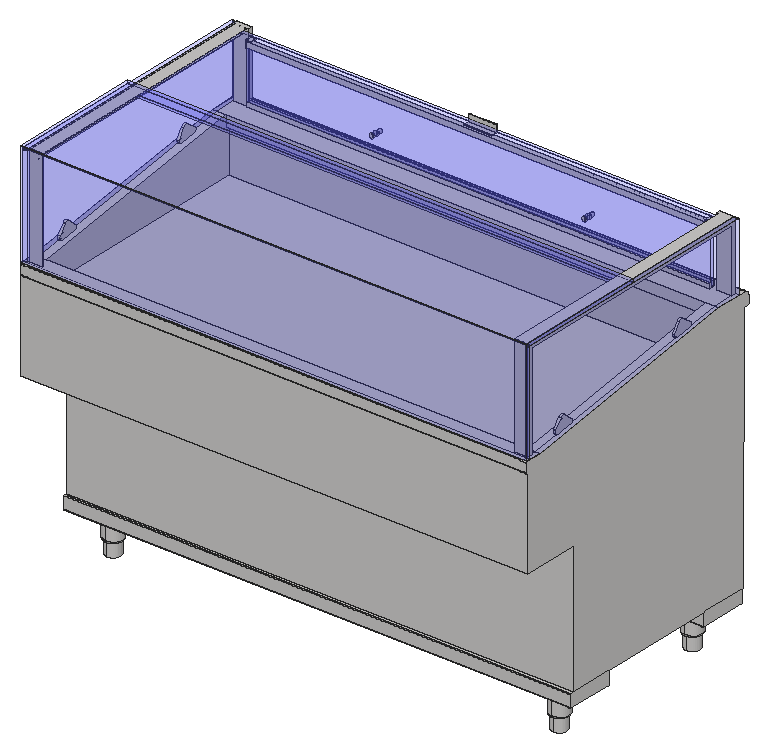
Revit family "Food-Service-Equipment_Oscartek_RHCS1500_Standard", category Specialty Equipment, Revit 2026
Family settings
  Round Connector Dimension = Use Diameter
  Part Type = Normal
  Classification Number = 23.40.40.11
  Work Plane-Based = No
  Enable Cutting in Views = No
  Always vertical = Yes
  Cut with Voids When Loaded = No
  Maintain Annotation Orientation = No
  Shared = No
  Room Calculation Point = No
Parameters
  Width = 59"  # constant formula
  Weight in Pounds = 331
  Watts = 1000 W
  Volts = 220 V
  URL Cutsheet = "www.oscartek.com"
  URL = "www.oscartek.com"
  Type Mark [instance] = ""
  Type Comments = "As Specified"
  Test Data = "http://www.oscartek.com/company/clients.php"
  Status [instance] = ""
  Specification by User [instance] = ""
  Specification by Manufacturer = ""
  Specification = "https://www.arcat.com/arcatcos/cos48/arc48760.html"
  Show Clearance [instance] = yes
  Serial Number = ""
  Seismic Rating = ""
  Sales Information = "http://www.oscartek.com/company/contact.php"
  SMACNA No = ""
  Revision Code [instance] = ""
  Revision = "R1_2018-10"
  Product Data = "http://www.oscartek.com/support/manuals/"
  Phase = 1
  Omniclass Number and Title = ""
  Number of Poles [instance] = 1
  NAFEM Spec ID Number = ""
  Model = "RHCS1500 STANDARD"
  Min Ckt Ampacity = 0 A
  Max Overcurrent Protection = 0 A
  Masterspec = ""
  Manufacturer Website = "http://www.oscartek.com/index.php"
  Manufacturer Phone - Toll Free = "855-885-2400"
  Manufacturer Phone = "650-342-2400"
  Manufacturer Fax = "650-342-7400"
  Manufacturer Address = "361 Beach Rd., Burlingame, CA 94010"
  Manufacturer = "OSCARTEK"
  Item Number [instance] = ""
  Installed By [instance] = ""
  Installation-Fabrication = "http://www.oscartek.com/support/manuals/"
  Identify Quantity as Lot [instance] = yes
  HP = ""
  Green Building-LEED = "https://www.arcat.com/green/green_building.shtml"
  Furnished By [instance] = ""
  Foodservice Equipment Identifier [instance] = yes
  FL Amps = Watts / Volts  # 4.54545 A
  Electrical Remarks [instance] = ""
  Electric Connection Type [instance] = ""
  Elec Conn RI Height [instance] = 0"
  Elec Conn Connection Height [instance] = 0"
  Drawn By = "Sumex Design, Inc. / Robert S. Weygant, CSI, CDT, SCIP"
  Description = "ROSA HOT SHOWCASE"
  Depth [instance] = 32 1/4"  # constant formula
  Default Elevation = 0"
  Cycle = 60 Hz
  Copyright = "©Arcat Inc."
  Construction Details = "http://www.oscartek.com/support/manuals/"
  Conn Plug = ""
  Conn Conduit = yes
  Category = ""
  CSI MasterFormat = "11 41 33"
  CSI Master Format = "Foodservice Shelving"
  Building Codes = "https://www.arcat.com/arcatcos/cos48/arc48760.html"
  Body Finish [instance] = QF_Finishes_Stainless Steel
  Apparent Power = if(Phase = 3, Volts * FL Amps * 1.73, Volts * FL Amps)  # 1000 VA
Reference planes (in)
  plane 1 "BACK": y = 7.29134
  plane 2: z = 0
  plane 3 "LEFT": x = 0
  plane 4 "RIGHT": x = 59
  plane 5 "FRONT": y = -24.95866
  plane 6 "TOP": z = 45.25
  plane 7 "Center Y": x = 29.5
  plane 8 "Center X": y = -8.83366
  plane 9 "Base Height": z = 6
  plane 10 "Right Off": x = 55.5
  plane 11: x = 0.5
  plane 12: x = 58.5
Forms (in)
  Revolve 1, solid, material "QF_Finishes_Stainless Steel"
    sketch origin (3.5, 0, 0) x (0, 1, 0) y (0, 0, 1)
      loop
        line (-15.81885, 0) -> (-14.95271, 0) -> (-14.95271, 1.57481) -> (-14.86603, 1.57481)
        arc (-14.86603, 1.57481) -> (-14.76029, 1.61861) -> (-14.71649, 1.72436) r 0.14954
        line (-14.71649, 1.72436) -> (-14.71649, 4.46851) -> (-15.81885, 4.46851) -> (-15.81885, 0)
      axis (-15.81885, 0) -> (-15.81885, 4.46851)
    angle from 0 to 360
  Revolve 2, solid, material "QF_Finishes_Stainless Steel"
    sketch origin (3.5, 19.37004, 0) x (0, 1, 0) y (0, 0, 1)
      loop
        line (-15.81885, 0) -> (-14.95271, 0) -> (-14.95271, 1.57481) -> (-14.86603, 1.57481)
        arc (-14.86603, 1.57481) -> (-14.76029, 1.61861) -> (-14.71649, 1.72436) r 0.14954
        line (-14.71649, 1.72436) -> (-14.71649, 4.46851) -> (-15.81885, 4.46851) -> (-15.81885, 0)
      axis (-15.81885, 0) -> (-15.81885, 4.46851)
    angle from 0 to 360
  Extrusion 3, solid, material "QF_Finishes_Stainless Steel" <- "Body Finish"
    sketch origin (0, 0, 0) x (0, 1, 0) y (0, 0, 1)
      loop
        line (-18.51225, 4.46851) -> (-13.12545, 4.46851)
        arc (-13.12545, 4.46851) -> (-13.08126, 4.48681) -> (-13.06295, 4.53101) r 0.0625
        line (-13.06295, 4.53101) -> (-13.06295, 5.9375)
        arc (-13.06295, 5.9375) -> (-13.08126, 5.98169) -> (-13.12545, 6) r 0.0625
        line (-13.12545, 6) -> (-18.51225, 6)
        arc (-18.51225, 6) -> (-18.55644, 5.98169) -> (-18.57475, 5.9375) r 0.0625
        line (-18.57475, 5.9375) -> (-18.57475, 4.53101)
        arc (-18.57475, 4.53101) -> (-18.55644, 4.48681) -> (-18.51225, 4.46851) r 0.0625
      loop
        line (0.85779, 4.46851) -> (6.24459, 4.46851)
        arc (6.24459, 4.46851) -> (6.28878, 4.48681) -> (6.30709, 4.53101) r 0.0625
        line (6.30709, 4.53101) -> (6.30709, 5.9375)
        arc (6.30709, 5.9375) -> (6.28878, 5.98169) -> (6.24459, 6) r 0.0625
        line (6.24459, 6) -> (0.85779, 6)
        arc (0.85779, 6) -> (0.8136, 5.98169) -> (0.79529, 5.9375) r 0.0625
        line (0.79529, 5.9375) -> (0.79529, 4.53101)
        arc (0.79529, 4.53101) -> (0.8136, 4.48681) -> (0.85779, 4.46851) r 0.0625
    from 0 to 59
  Revolve 4, solid, material "QF_Finishes_Stainless Steel"
    sketch origin (55.5, 0, 0) x (0, 0, -1) y (0, -1, 0)
      loop
        line (0, 15.81885) -> (-4.46851, 15.81885) -> (-4.46851, 14.71649) -> (-1.72436, 14.71649)
        arc (-1.72436, 14.71649) -> (-1.61861, 14.76029) -> (-1.57481, 14.86603) r 0.14954
        line (-1.57481, 14.86603) -> (-1.57481, 14.95271) -> (0, 14.95271) -> (0, 15.81885)
      axis (0, 15.81885) -> (-4.46851, 15.81885)
    angle from 0 to 360
  Revolve 5, solid, material "QF_Finishes_Stainless Steel"
    sketch origin (55.5, 0, 0) x (0, 0, -1) y (0, -1, 0)
      loop
        line (0, -3.55119) -> (-4.46851, -3.55119) -> (-4.46851, -4.65355) -> (-1.72436, -4.65355)
        arc (-1.72436, -4.65355) -> (-1.61861, -4.60975) -> (-1.57481, -4.50401) r 0.14954
        line (-1.57481, -4.50401) -> (-1.57481, -4.41733) -> (0, -4.41733) -> (0, -3.55119)
      axis (0, -3.55119) -> (-4.46851, -3.55119)
    angle from 0 to 360
  Extrusion 6, solid, material "QF_Finishes_Stainless Steel" <- "Body Finish"
    sketch origin (0, 0, 0) x (0, 1, 0) y (0, 0, 1)
      loop
        line (6.90709, 36.74797) -> (3.04134, 36.74797) -> (3.04134, 35.49797) -> (3.54134, 35.49797) -> (3.54134, 30.25) -> (-23.20866, 30.25) -> (-23.20866, 31.75) -> (-22.95866, 31.75) -> (-22.95866, 33) -> (-24.90866, 33)
        arc (-24.90866, 33) -> (-24.94401, 32.98536) -> (-24.95866, 32.95) r 0.05
        line (-24.95866, 32.95) -> (-24.95866, 31.80078)
        arc (-24.95866, 31.80078) -> (-24.94379, 31.76487) -> (-24.90788, 31.75) r 0.05078
        line (-24.90788, 31.75) -> (-24.84055, 31.75) -> (-24.84055, 21.25) -> (-18.18105, 21.25) -> (-18.18105, 6) -> (6.50394, 6) -> (6.50394, 21.25) -> (6.58268, 21.25) -> (6.58268, 35.24797) -> (7.24056, 35.24797)
        arc (7.24056, 35.24797) -> (7.27647, 35.26284) -> (7.29134, 35.29875) r 0.05078
        line (7.29134, 35.29875) -> (7.29134, 36.32422)
        arc (7.29134, 36.32422) -> (7.18097, 36.61023) -> (6.90709, 36.74797) r 0.42578
    from 0.5 to 58.5
  Extrusion 7, solid, material "Glass"
    sketch origin (0, 0, 0) x (0, 1, 0) y (0, 0, 1)
      loop
        line (5.84459, 44.8563) -> (-24.36893, 44.8563)
        arc (-24.36893, 44.8563) -> (-24.48028, 44.81018) -> (-24.52641, 44.69882) r 0.15748
        line (-24.52641, 44.69882) -> (-24.52641, 33) -> (-22.95866, 33) -> (3.04134, 36.74797) -> (6.00207, 36.74797) -> (6.00207, 44.69882)
        arc (6.00207, 44.69882) -> (5.95595, 44.81018) -> (5.84459, 44.8563) r 0.15748
    from 0 to 0.5
  Extrusion 8, solid, material "Glass"
    sketch origin (59, 0, 0) x (0, 1, 0) y (0, 0, 1)
      loop
        line (5.84459, 44.8563) -> (-24.36893, 44.8563)
        arc (-24.36893, 44.8563) -> (-24.48028, 44.81018) -> (-24.52641, 44.69882) r 0.15748
        line (-24.52641, 44.69882) -> (-24.52641, 33) -> (-22.95866, 33) -> (3.04134, 36.74797) -> (6.00207, 36.74797) -> (6.00207, 44.69882)
        arc (6.00207, 44.69882) -> (5.95595, 44.81018) -> (5.84459, 44.8563) r 0.15748
    from -0.5 to 0
  Extrusion 9, solid, material "Glass"
    sketch origin (0, 0, 0) x (0, 1, 0) y (0, 0, 1)
      loop
        line (-9.33366, 45.25) -> (-24.92011, 45.25) -> (-24.92011, 32.99797) -> (-24.52641, 32.99797) -> (-24.52641, 44.8563) -> (-9.33366, 44.8563) -> (-9.33366, 45.25)
    from 0 to 59
  Extrusion 10, solid, material "Glass"
    sketch origin (39.25, 0, 0.0625) x (0, 1, 0) y (0, 0, -1)
      loop
        line (5.50207, -44.53142) -> (5.50207, -44.19263) -> (-9.95866, -44.19263) -> (-9.95866, -44.53142) -> (5.50207, -44.53142)
    from -19.08473 to 38.58473
  Extrusion 11, solid, material "QF_Finishes_Stainless Steel" <- "Body Finish"
    sketch origin (59, 0, 0) x (0, 1, 0) y (0, 0, 1)
      loop
        line (6.90709, 36.74797) -> (3.04134, 36.74797) -> (-22.95866, 33) -> (-24.90866, 33)
        arc (-24.90866, 33) -> (-24.94401, 32.98536) -> (-24.95866, 32.95) r 0.05
        line (-24.95866, 32.95) -> (-24.95866, 31.80078)
        arc (-24.95866, 31.80078) -> (-24.94379, 31.76487) -> (-24.90788, 31.75) r 0.05078
        line (-24.90788, 31.75) -> (-24.84055, 31.75) -> (-24.84055, 21.25) -> (-18.18105, 21.25) -> (-18.18105, 6) -> (6.50394, 6) -> (6.50394, 21.25) -> (6.58268, 21.25) -> (6.58268, 35.24797) -> (7.24056, 35.24797)
        arc (7.24056, 35.24797) -> (7.27647, 35.26284) -> (7.29134, 35.29875) r 0.05078
        line (7.29134, 35.29875) -> (7.29134, 36.32422)
        arc (7.29134, 36.32422) -> (7.18097, 36.61023) -> (6.90709, 36.74797) r 0.42578
    from 0 to -1.5
  Extrusion 12, solid, material "QF_Finishes_Stainless Steel"
    sketch origin (0, 0, 0) x (1, 0, 0) y (0, 1, 0)
      loop
        line (0.5, 6.00207) -> (0.5, 5.50207) -> (2.25, 5.50207) -> (2.25, 6.00207) -> (0.5, 6.00207)
      loop
        line (58.5, 6.00207) -> (56.75, 6.00207) -> (56.75, 5.50207) -> (58.5, 5.50207) -> (58.5, 6.00207)
    from 36.74797 to 44.8563
  Extrusion 13, solid, material "Glass"
    sketch origin (0, -0.10938, 0) x (1, 0, 0) y (0, 1, 0)
      loop
        line (2.5, 5.50207) -> (2.5, 5.00207) -> (56.5, 5.00207) -> (56.5, 5.50207) -> (2.5, 5.50207)
    from 37.21272 to 43.81693
  Extrusion 14, solid, material "QF_Finishes_Stainless Steel"
    sketch origin (0, 0, 0) x (0, 1, 0) y (0, 0, 1)
      loop
        line (4.8927, 43.81693) -> (5.3927, 43.81693) -> (5.3927, 43.31693) -> (5.4552, 43.31693) -> (5.4552, 43.87943) -> (4.8302, 43.87943) -> (4.8302, 43.31693) -> (4.8927, 43.31693) -> (4.8927, 43.81693)
      loop
        line (4.8927, 37.16315) -> (4.8927, 37.66315) -> (4.8302, 37.66315) -> (4.8302, 37.10065) -> (5.4552, 37.10065) -> (5.4552, 37.66315) -> (5.3927, 37.66315) -> (5.3927, 37.16315) -> (4.8927, 37.16315)
    from 2.5 to 56.5
  Extrusion 15, solid, material "QF_Finishes_Stainless Steel"
    sketch origin (0, -24.95866, 0) x (1, 0, 0) y (0, 0, 1)
      loop
        line (57.4375, 44.1063) -> (58.5, 44.1063) -> (58.5, 44.8563) -> (57, 44.8563) -> (57, 44.7938) -> (58.4375, 44.7938) -> (58.4375, 44.1688) -> (57.4375, 44.1688) -> (57.4375, 44.1063)
      loop
        line (1.5625, 44.1063) -> (1.5625, 44.1688) -> (0.5625, 44.1688) -> (0.5625, 44.7938) -> (2, 44.7938) -> (2, 44.8563) -> (0.5, 44.8563) -> (0.5, 44.1063) -> (1.5625, 44.1063)
    from -30.46073 to -0.78937
  Extrusion 16, solid, material "QF_Finishes_Stainless Steel"
    sketch origin (0, -24.95866, 0) x (1, 0, 0) y (0, 0, 1)
      loop
        line (55.92786, 44.13772) -> (55.92786, 44.07522) -> (56.51042, 44.07522) -> (56.51042, 43.2537) -> (56.57292, 43.2537) -> (56.57292, 44.13772) -> (55.92786, 44.13772)
      loop
        line (3.07214, 44.13772) -> (2.42708, 44.13772) -> (2.42708, 43.2537) -> (2.48958, 43.2537) -> (2.48958, 44.07522) -> (3.07214, 44.07522) -> (3.07214, 44.13772)
    from -30.41386 to -29.78886
  Extrusion 17, solid, material "QF_Finishes_Door Clearance", visible <- "Show Clearance", detail levels coarse
    sketch origin (0, 0, 0) x (0, 1, 0) y (0, 0, 1)
      loop
        line (4.8927, 43.81693) -> (-1.82359, 43.81693)
        arc (-1.82359, 43.81693) -> (0.14357, 39.0678) -> (4.8927, 37.10065) r 6.71628
        line (4.8927, 37.10065) -> (4.8927, 43.81693)
    from 2.5 to 56.5
  Extrusion 18, solid, material "QF_Finishes_Stainless Steel"
    sketch origin (0, 0, 0) x (1, 0, 0) y (0, 1, 0)
      loop
        line (0.5, -24.20866) -> (2, -24.20866) -> (2, -24.16929) -> (0.5625, -24.16929) -> (0.5625, -23.62362) -> (0.5, -23.62362) -> (0.5, -24.20866)
      loop
        line (58.5, -24.20866) -> (58.5, -23.62362) -> (58.4375, -23.62362) -> (58.4375, -24.16929) -> (57, -24.16929) -> (57, -24.20866) -> (58.5, -24.20866)
    from 33 to 44.8563
  Extrusion 19, solid, material "QF_Finishes_Stainless Steel"
    sketch origin (29.5, 0, 0) x (0, 1, 0) y (0, 0, 1)
      loop
        line (4.83, 44.23056) -> (4.83, 44.19038) -> (5.55097, 44.19038) -> (5.55097, 45.05251) -> (5.48847, 45.05251) -> (5.48847, 44.23056) -> (4.83, 44.23056)
    from -1.625 to 1.625
  Revolve 20, solid, material "QF_Finishes_Stainless Steel"
    sketch origin (17.125, 0, 0.75) x (0, 1, 0) y (0, 0, 1)
      loop
        line (4.82255, 38.49797) -> (4.82255, 38.24797) -> (4.8927, 38.24797) -> (4.8927, 38.49797) -> (4.82255, 38.49797)
      loop
        line (5.3927, 38.49797) -> (5.3927, 38.24797) -> (5.46285, 38.24797) -> (5.46285, 38.34575) -> (5.74111, 38.44703)
        arc (5.74111, 38.44703) -> (5.95993, 38.29989) -> (6.13398, 38.49797) r 0.19974
        line (6.13398, 38.49797) -> (5.3927, 38.49797)
      axis (4.82255, 38.49797) -> (6.13398, 38.49797)
    angle from 0 to 360
  Revolve 21, solid, material "QF_Finishes_Stainless Steel"
    sketch origin (41.875, 0, 0.75) x (0, 1, 0) y (0, 0, -1)
      loop
        line (4.82255, -38.49797) -> (4.8927, -38.49797) -> (4.8927, -38.24797) -> (4.82255, -38.24797) -> (4.82255, -38.49797)
      loop
        line (5.3927, -38.49797) -> (6.13398, -38.49797)
        arc (6.13398, -38.49797) -> (5.95993, -38.29989) -> (5.74111, -38.44703) r 0.19974
        line (5.74111, -38.44703) -> (5.46285, -38.34575) -> (5.46285, -38.24797) -> (5.3927, -38.24797) -> (5.3927, -38.49797)
      axis (4.82255, -38.49797) -> (6.13398, -38.49797)
    angle from 0 to 360
  Extrusion 22, solid, material "QF_Finishes_Stainless Steel"
    sketch origin (0, 0, 0) x (0, 1, 0) y (0, 0, 1)
      loop
        line (-19.73734, 33.46436) -> (-18.02583, 33.71108)
        arc (-18.02583, 33.71108) -> (-17.79557, 33.87166) -> (-17.7871, 34.15225) r 0.3125
        line (-17.7871, 34.15225) -> (-18.75756, 34.98985)
        arc (-18.75756, 34.98985) -> (-19.04365, 35.07894) -> (-19.30393, 34.93046) r 0.37574
        line (-19.30393, 34.93046) -> (-20.05317, 33.92884)
        arc (-20.05317, 33.92884) -> (-20.04034, 33.59795) -> (-19.73734, 33.46436) r 0.31249
      loop
        arc (-0.67039, 36.21291) -> (-0.41746, 36.42664) -> (-0.49861, 36.74768) r 0.31249
        line (-0.49861, 36.74768) -> (-1.50023, 37.49691)
        arc (-1.50023, 37.49691) -> (-1.79185, 37.56583) -> (-2.04114, 37.39956) r 0.37574
        line (-2.04114, 37.39956) -> (-2.73552, 36.32198)
        arc (-2.73552, 36.32198) -> (-2.64814, 36.0552) -> (-2.38191, 35.96619) r 0.3125
        line (-2.38191, 35.96619) -> (-0.67039, 36.21291)
    from 0.5 to 0.76122
  Extrusion 23, solid, material "QF_Finishes_Stainless Steel"
    sketch origin (59, 0, 0) x (0, 1, 0) y (0, 0, 1)
      loop
        line (-19.73734, 33.46436) -> (-18.02583, 33.71108)
        arc (-18.02583, 33.71108) -> (-17.79557, 33.87166) -> (-17.7871, 34.15225) r 0.3125
        line (-17.7871, 34.15225) -> (-18.75756, 34.98985)
        arc (-18.75756, 34.98985) -> (-19.04365, 35.07894) -> (-19.30393, 34.93046) r 0.37574
        line (-19.30393, 34.93046) -> (-20.05317, 33.92884)
        arc (-20.05317, 33.92884) -> (-20.04034, 33.59795) -> (-19.73734, 33.46436) r 0.31249
      loop
        arc (-0.67039, 36.21291) -> (-0.41746, 36.42664) -> (-0.49861, 36.74768) r 0.31249
        line (-0.49861, 36.74768) -> (-1.50023, 37.49691)
        arc (-1.50023, 37.49691) -> (-1.79185, 37.56583) -> (-2.04114, 37.39956) r 0.37574
        line (-2.04114, 37.39956) -> (-2.73552, 36.32198)
        arc (-2.73552, 36.32198) -> (-2.64814, 36.0552) -> (-2.38191, 35.96619) r 0.3125
        line (-2.38191, 35.96619) -> (-0.67039, 36.21291)
    from -0.5 to -0.75
  Extrusion 24, solid, material "QF_Finishes_Stainless Steel" <- "Body Finish"
    sketch origin (0, 0, 0) x (0, 1, 0) y (0, 0, -1)
      loop
        arc (6.90709, -36.74797) -> (7.18097, -36.61023) -> (7.29134, -36.32422) r 0.42578
        line (7.29134, -36.32422) -> (7.29134, -35.29875)
        arc (7.29134, -35.29875) -> (7.27647, -35.26284) -> (7.24056, -35.24797) r 0.05078
        line (7.24056, -35.24797) -> (6.58268, -35.24797) -> (6.58268, -21.25) -> (6.50394, -21.25) -> (6.50394, -6) -> (-18.18105, -6) -> (-18.18105, -21.25) -> (-24.84055, -21.25) -> (-24.84055, -31.75) -> (-24.90788, -31.75)
        arc (-24.90788, -31.75) -> (-24.94379, -31.76487) -> (-24.95866, -31.80078) r 0.05078
        line (-24.95866, -31.80078) -> (-24.95866, -32.95)
        arc (-24.95866, -32.95) -> (-24.94401, -32.98536) -> (-24.90866, -33) r 0.05
        line (-24.90866, -33) -> (-22.95866, -33) -> (3.04134, -36.74797) -> (6.90709, -36.74797)
    from 0 to -1.5
  Extrusion 25, solid, material "QF_Finishes_Stainless Steel"
    sketch origin (16.25, 0, 0) x (1, 0, 0) y (0, 1, 0)
      loop
        circle (23.58777, -8.83366) r 0.25
    from 5.6002 to 6
  Extrusion 26, solid, material "QF_Finishes_Stainless Steel"
    sketch origin (1.18012, 6.22884, 1.7805) x (0, 0, 1) y (1, 0, 0)
      loop
        line (18.79407, 51.85524) -> (17.29407, 51.85524) -> (17.29407, 45.35524) -> (18.79407, 45.35524) -> (18.79407, 51.85524)
    from 0.2751 to 1
  Extrusion 27, solid, material "QF_Finishes_Black"
    sketch origin (1.18012, 6.50394, 6.1555) x (0, 0, 1) y (1, 0, 0)
      loop
        line (11.19901, 54.31988) -> (0.44901, 54.31988) -> (0.44901, 52.31988) -> (11.19901, 52.31988) -> (11.19901, 54.31988)
      loop
        line (11.19901, 51.81988) -> (0.44901, 51.81988) -> (0.44901, 49.81988) -> (11.19901, 49.81988) -> (11.19901, 51.81988)
      loop
        line (11.19901, 49.31988) -> (0.44901, 49.31988) -> (0.44901, 47.31988) -> (11.19901, 47.31988) -> (11.19901, 49.31988)
      loop
        line (0.44901, 46.81988) -> (0.44901, 44.81988) -> (9.19901, 44.81988) -> (11.19901, 46.81988) -> (0.44901, 46.81988)
      loop
        line (0.44901, 44.31988) -> (0.44901, 42.31988) -> (6.69901, 42.31988) -> (8.69901, 44.31988) -> (0.44901, 44.31988)
    from 0 to 0.0625
  Extrusion 28, void
    sketch origin (1.5, 0, 0) x (0, -1, 0) y (0, 0, -1)
      loop
        line (-6.54134, -34.74797) -> (-6.54134, -21.25) -> (-15.58268, -21.25) -> (-15.58268, -34.74797) -> (-6.54134, -34.74797)
    from 0 to 56
  Extrusion 29, solid, material "QF_Finishes_Stainless Steel", not visible
    sketch origin (1.5, 0, 0) x (0, -1, 0) y (0, 0, -1)
      loop
        line (2.45866, -35.24797) -> (2.45866, -21.25) -> (-6.58268, -21.25) -> (-6.58268, -22) -> (1.70866, -22) -> (1.70866, -27.5) -> (-6.58268, -28.5) -> (-6.58268, -29.25544) -> (1.70866, -28.25544) -> (1.70866, -34.74797) -> (-6.58268, -34.74797) -> (-6.58268, -35.24797) -> (2.45866, -35.24797)
    from 0 to 56
  Extrusion 30, solid, material "QF_Finishes_Door Clearance", visible <- "Show Clearance", detail levels coarse
    sketch origin (0, 0, 0) x (0, 1, 0) y (0, 0, 1)
      loop
        line (-24.92011, 45.25) -> (-9.33366, 45.25) -> (-9.33366, 60.83645)
        arc (-9.33366, 60.83645) -> (-20.35494, 56.27128) -> (-24.92011, 45.25) r 15.58645
    from 0 to 59
Cuts and joins
  joined: Extrusion 12, Extrusion 15, Extrusion 18
  Extrusion 28 cuts Extrusion 6
  joined: Extrusion 6, Extrusion 11, Extrusion 24
Lines and regions (in)
  Split face 1
    outline origin (1.18012, 7.22884, 1.7805) x (0, 0, 1) y (1, 0, 0)
      loop
        line (18.5658, 51.55584) -> (17.5658, 51.55584) -> (17.5658, 45.80584) -> (18.5658, 45.80584) -> (18.5658, 51.55584)
  symbolic lines
    curve 1: line (0, -24.95866, 0) -> (0, 7.29134, 0)
    curve 2: line (59, -24.95866, 0) -> (0, -24.95866, 0)
    curve 3: line (0.5, -24.52641, 0) -> (0.5, 6.55709, 0)
    curve 4: line (58.5, 6.00207, 0) -> (56.75, 6.00207, 0)
    curve 5: line (59, 5.50207, 0) -> (0, 5.50207, 0)
    curve 6: line (1.64264, -22.95866, 0) -> (1.64264, 5.50207, 0)
    curve 7: line (2.25, 5.50207, 0) -> (2.25, 6.00207, 0)
    curve 8: line (0.66527, 5.50207, 0) -> (0.66527, -9.95866, 0)
    curve 9: line (59, -9.20866, 0) -> (0, -9.20866, 0)
    curve 10: line (0.5, -24.20866, 0) -> (1.5625, -24.20866, 0)
    curve 11: line (1.5625, -24.20866, 0) -> (1.5625, 6.00207, 0)
    curve 12: line (59, 6.55709, 0) -> (58.5, 6.55709, 0)
    curve 13: line (0, -24.92011, 0) -> (59, -24.90788, 0)
    curve 14: line (59, -24.52641, 0) -> (0, -24.52641, 0)
    curve 15: line (59, -24.95866, 0) -> (59, 7.29134, 0)
    curve 16: line (58.5, -24.52641, 0) -> (58.5, 6.55709, 0)
    curve 17: line (57.35736, -22.95866, 0) -> (57.35736, 5.50207, 0)
    curve 18: line (56.75, 5.50207, 0) -> (56.75, 6.00207, 0)
    curve 19: line (58.33473, 5.50207, 0) -> (58.33473, -9.95866, 0)
    curve 20: line (58.5, -24.20866, 0) -> (57.4375, -24.20866, 0)
    curve 21: line (57.4375, -24.20866, 0) -> (57.4375, 6.00207, 0)
    curve 22: line (2.25, 6.00207, 0) -> (0.5, 6.00207, 0)
    curve 23: line (0.5, 6.55709, 0) -> (0, 6.55709, 0)
    curve 24: line (59, 7.29134, 0) -> (0, 7.29134, 0)
    curve 25: line (58.33473, -9.95866, 0) -> (0.66527, -9.95866, 0)
    curve 26: line (0, -22.95866, 0) -> (59, -22.95866, 0)
    curve 27: line (27.875, 5.55097, 0) -> (31.125, 5.55097, 0)
    curve 28: line (31.125, 5.55097, 0) -> (31.125, 4.89472, 0)
    curve 29: line (30.875, 4.64472, 0) -> (28.125, 4.64472, 0)
    curve 30: line (27.875, 4.89472, 0) -> (27.875, 5.55097, 0)
    curve 31: arc (28.125, 4.64472, 0) -> (27.94822, 4.71795, 0) -> (27.875, 4.89472, 0) r 0.25
    curve 32: arc (31.125, 4.89472, 0) -> (31.05178, 4.71795, 0) -> (30.875, 4.64472, 0) r 0.25
  symbolic lines, style "QF-Surface Details"
    curve 33: line (7.92189, -17.61771, 0) -> (11.10387, -14.43573, 0)
    curve 34: line (7.59142, -19.05839, 0) -> (12.54117, -14.10865, 0)
    curve 35: line (9.1841, -18.87993, 0) -> (12.54286, -15.52117, 0)
    curve 36: line (42.98225, -17.61771, 0) -> (46.16423, -14.43573, 0)
    curve 37: line (42.65178, -19.05839, 0) -> (47.60153, -14.10865, 0)
    curve 38: line (44.24446, -18.87993, 0) -> (47.60322, -15.52117, 0)
    curve 39: line (27.35559, -17.61771, 0) -> (30.53757, -14.43573, 0)
    curve 40: line (27.02513, -19.05839, 0) -> (31.97487, -14.10865, 0)
    curve 41: line (28.61781, -18.87993, 0) -> (31.97656, -15.52117, 0)
    curve 42: line (7.92189, -2.99271, 0) -> (11.10387, 0.18927, 0)
    curve 43: line (7.59142, -4.43339, 0) -> (12.54117, 0.51635, 0)
    curve 44: line (9.1841, -4.25493, 0) -> (12.54286, -0.89617, 0)
    curve 45: line (42.98225, -2.99271, 0) -> (46.16423, 0.18927, 0)
    curve 46: line (42.65178, -4.43339, 0) -> (47.60153, 0.51635, 0)
    curve 47: line (44.24446, -4.25493, 0) -> (47.60322, -0.89617, 0)
    curve 48: line (27.35559, -2.99271, 0) -> (30.53757, 0.18927, 0)
    curve 49: line (27.02513, -4.43339, 0) -> (31.97487, 0.51635, 0)
    curve 50: line (28.61781, -4.25493, 0) -> (31.97656, -0.89617, 0)
Dimensions and locks (in)
  equal spacing: plane 3 "LEFT", plane 7 "Center Y", plane 4 "RIGHT"
  "Width": plane 3 "LEFT" to plane 4 "RIGHT"
  equal spacing: plane 5 "FRONT", plane 8 "Center X", plane 1 "BACK"
  "Depth": plane 5 "FRONT" to plane 1 "BACK"
  plane 6 "TOP" to level = 45 1/4"
  plane 9 "Base Height" to level = 6"
  locked: plane 10 "Right Off" to plane 4 "RIGHT" at 3.5
  locked: plane 12 to plane 4 "RIGHT" at 0.5
  locked: plane 3 "LEFT" to plane 11 at 0.5
  locked: plane 3 "LEFT" to Extrusion 13 sketch curve at 2.5
  locked: Extrusion 13 sketch curve to plane 4 "RIGHT" at 2.5
  locked: plane 4 "RIGHT" to Extrusion 10 at 0.66527
  locked: plane 7 "Center Y" to Revolve 20 at 12.375
  locked: Revolve 21 to plane 7 "Center Y" at 12.375
  Extrusion 27 sketch curve to Extrusion 27 sketch curve to Extrusion 27 sketch curve to Extrusion 27 sketch curve to Extrusion 27 sketch curve to Extrusion 27 sketch curve to Extrusion 27 sketch curve to Extrusion 27 sketch curve to Extrusion 27 sketch curve to Extrusion 27 sketch curve = 2" locked, 1/2" locked, 2" locked, 1/2" locked, 2" locked, 1/2" locked, 2" locked, 1/2" locked, 2" locked
  locked: Extrusion 26 sketch curve to Extrusion 26 sketch curve at 6.5
  plane 5 "FRONT" to Extrusion 10 sketch curve to Extrusion 10 sketch curve = 15" locked, 15.46073" locked
  plane 5 "FRONT" to Extrusion 17 sketch curve to Extrusion 17 sketch curve = 23.13507" locked, 6.71628" locked
  plane 5 "FRONT" to Extrusion 13 sketch curve to Extrusion 13 sketch curve = 29.85136" locked, 1/2" locked
  plane 5 "FRONT" to Extrusion 14 sketch curve to Extrusion 14 sketch curve to Extrusion 14 sketch curve to Extrusion 14 sketch curve = 29.78886" locked, 1/16" locked, 1/2" locked, 1/16" locked
  plane 5 "FRONT" to Extrusion 23 sketch curve to Extrusion 23 sketch curve to Extrusion 23 sketch curve to Extrusion 23 sketch curve to Extrusion 23 sketch curve to Extrusion 23 sketch curve = 5.17674" locked, 0.77887" locked, 0.93264" locked, 15.64392" locked, 0.7012" locked, 1.01031" locked
  plane 5 "FRONT" to Extrusion 11 sketch curve to Extrusion 11 sketch curve = 2" locked, 26" locked
  plane 5 "FRONT" to Extrusion 24 sketch curve to Extrusion 24 sketch curve = 2" locked, 26" locked
  plane 5 "FRONT" to Extrusion 22 sketch curve to Extrusion 22 sketch curve to Extrusion 22 sketch curve to Extrusion 22 sketch curve to Extrusion 22 sketch curve to Extrusion 22 sketch curve = 5.17674" locked, 0.77887" locked, 0.93264" locked, 15.64392" locked, 0.7012" locked, 1.01031" locked
  plane 5 "FRONT" to Extrusion 8 sketch curve to Extrusion 8 sketch curve to Extrusion 8 sketch curve to Extrusion 8 sketch curve = 0.43225" locked, 1.56775" locked, 26" locked, 2.96073" locked
  plane 5 "FRONT" to Extrusion 7 sketch curve to Extrusion 7 sketch curve to Extrusion 7 sketch curve to Extrusion 7 sketch curve = 0.43225" locked, 1.56775" locked, 26" locked, 2.96073" locked
  plane 5 "FRONT" to Extrusion 6 sketch curve to Extrusion 6 sketch curve = 28" locked, 1/2" locked
  plane 5 "FRONT" to Extrusion 19 sketch curve to Extrusion 19 sketch curve to Extrusion 19 sketch curve = 29.78866" locked, 0.65847" locked, 1/16" locked
  plane 5 "FRONT" to Revolve 21 sketch curve to Revolve 21 sketch curve to Revolve 21 sketch curve to Revolve 21 sketch curve to Revolve 21 sketch curve to Revolve 21 sketch curve = 29.78121" locked, 0.07015" locked, 1/2" locked, 0.07015" locked, 0.27826" locked, 0.19313" locked
  plane 5 "FRONT" to Extrusion 12 sketch curve to Extrusion 12 sketch curve = 30.46073" locked, 1/2" locked
  plane 5 "FRONT" to Revolve 20 sketch curve to Revolve 20 sketch curve to Revolve 20 sketch curve to Revolve 20 sketch curve to Revolve 20 sketch curve to Revolve 20 sketch curve = 29.78121" locked, 0.07015" locked, 1/2" locked, 0.07015" locked, 0.27826" locked, 0.19313" locked
  locked: Extrusion 11 sketch curve to plane 1 "BACK" at 25.47239
  locked: Extrusion 6 sketch curve to plane 1 "BACK" at 25.47239
  locked: Extrusion 24 sketch curve to plane 1 "BACK" at 25.47239
  Extrusion 3 sketch curve to Extrusion 3 sketch curve to Extrusion 3 sketch curve to Extrusion 3 sketch curve to plane 1 "BACK" = 5.5118" locked, 13.85824" locked, 5.5118" locked, 0.98425" locked
  Revolve 5 sketch curve to Revolve 5 sketch curve to plane 1 "BACK" = 1.10236" locked, 2.63779" locked
  Revolve 2 sketch curve to Revolve 2 sketch curve to plane 1 "BACK" = 1.10236" locked, 2.63779" locked
  Revolve 4 sketch curve to Revolve 4 sketch curve to plane 1 "BACK" = 1.10236" locked, 22 1/128" locked
  Revolve 1 sketch curve to Revolve 1 sketch curve to plane 1 "BACK" = 1.10236" locked, 22 1/128" locked
  plane 5 "FRONT" to Extrusion 28 sketch curve to Extrusion 28 sketch curve = 31 1/2" locked, 9.04134" locked
  Extrusion 29 sketch curve to Extrusion 29 sketch curve to Extrusion 29 sketch curve to plane 1 "BACK" = 3/4" locked, 8.29134" locked, 0.70866" locked
  locked: plane 4 "RIGHT" to cut or joined group of Extrusion 6, Extrusion 11, Extrusion 24, Extrusion 28 at 1.5
  locked: plane 5 "FRONT" to Extrusion 9 sketch curve at 15.625
  Extrusion 19 to Extrusion 10 to curve 29 = 0.0489" locked, 0.85735" locked
  curve 9 to curve 25 to curve 26 to curve 14 to plane 5 "FRONT" = 3/4" locked, 13" locked, 1.56775" locked, 0.43225" locked
  locked: plane 5 "FRONT" to curve 42 at 25.14793
  locked: plane 5 "FRONT" to curve 48 at 25.14793
  locked: plane 5 "FRONT" to curve 45 at 25.14793
  locked: plane 5 "FRONT" to curve 43 at 25.47501
  locked: plane 5 "FRONT" to curve 49 at 25.47501
  locked: plane 5 "FRONT" to curve 46 at 25.47501
  locked: plane 5 "FRONT" to Extrusion 30 sketch curve at 15.625
  aligned and locked: level to plane 2
  aligned: plane 4 "RIGHT" to Extrusion 6
  aligned and locked: plane 4 "RIGHT" to Extrusion 3
  aligned and locked: Extrusion 6 to plane 11
  aligned and locked: plane 12 to Extrusion 6
  aligned and locked: plane 11 to Extrusion 7
  aligned and locked: Extrusion 8 to plane 12
  aligned: Extrusion 9 to plane 11
  aligned: plane 12 to Extrusion 10
  aligned: plane 12 to Extrusion 9
  aligned: Extrusion 10 to plane 11
  aligned and locked: plane 4 "RIGHT" to Extrusion 9
  aligned and locked: Extrusion 9 to plane 3 "LEFT"
  aligned and locked: Extrusion 14 to Extrusion 13  (x2)
  aligned and locked: Extrusion 13 to Extrusion 17
  aligned and locked: Extrusion 17 to Extrusion 13
  aligned and locked: Extrusion 14 sketch curve to Extrusion 14 sketch curve  (x4)
  aligned and locked: Extrusion 12 sketch curve to Extrusion 12 sketch curve  (x2)
  aligned and locked: Extrusion 29 sketch curve to Extrusion 29 sketch curve  (x3)
  aligned and locked: Extrusion 29 to cut or joined group of Extrusion 6, Extrusion 11, Extrusion 24, Extrusion 28
  aligned and locked: curve 5 to Extrusion 10
  aligned and locked: curve 12 to curve 23
Automatic sketch dimensions
  Revolve 1 sketch curve to level = 0"
  Revolve 1 sketch curve to Revolve 1 sketch curve = 0"  (x2)
  Revolve 1 sketch curve to Revolve 1 sketch curve = 0.23622"
  Revolve 1 sketch curve to Revolve 1 sketch curve = 0.08668"
  level to Revolve 1 sketch curve = 1.57481"
  Revolve 1 sketch curve to plane 9 "Base Height" = 1.53149"
  Revolve 1 sketch curve to plane 9 "Base Height" = 0.61582"
  Revolve 2 sketch curve to level = 0"
  Revolve 2 sketch curve to Revolve 2 sketch curve = 0"  (x2)
  Revolve 2 sketch curve to Revolve 2 sketch curve = 0.23622"
  Revolve 2 sketch curve to Revolve 2 sketch curve = 0.08668"
  level to Revolve 2 sketch curve = 1.57481"
  Revolve 2 sketch curve to plane 9 "Base Height" = 1.53149"
  Revolve 2 sketch curve to plane 9 "Base Height" = 0.61582"
  Extrusion 3 sketch curve to plane 9 "Base Height" = 0"  (x2)
  Extrusion 3 sketch curve to Extrusion 3 sketch curve = 1/16"  (x8)
  Extrusion 3 sketch curve to Extrusion 3 sketch curve = 1.40649"  (x2)
  Revolve 4 sketch curve to level = 0"
  level to Revolve 4 sketch curve = 1.57481"
  Revolve 4 sketch curve to Revolve 4 sketch curve = 0.14954"
  Revolve 4 sketch curve to plane 9 "Base Height" = 1.53149"
  Revolve 4 sketch curve to Revolve 4 sketch curve = 0"  (x2)
  Revolve 4 sketch curve to plane 9 "Base Height" = 0.61582"
  Revolve 4 sketch curve to Revolve 4 sketch curve = 0.08668"
  Revolve 5 sketch curve to level = 0"
  level to Revolve 5 sketch curve = 1.57481"
  Revolve 5 sketch curve to Revolve 5 sketch curve = 0.14954"
  Revolve 5 sketch curve to plane 9 "Base Height" = 1.53149"
  Revolve 5 sketch curve to Revolve 5 sketch curve = 0"  (x2)
  Revolve 5 sketch curve to plane 9 "Base Height" = 0.61582"
  Revolve 5 sketch curve to Revolve 5 sketch curve = 0.08668"
  Extrusion 7 sketch curve to Extrusion 7 sketch curve = 0.15748"  (x2)
  Extrusion 7 sketch curve to plane 6 "TOP" = 12 1/4"
  Extrusion 7 sketch curve to plane 6 "TOP" = 8.50203"
  Extrusion 7 sketch curve to plane 6 "TOP" = 0.55118"
  Extrusion 8 sketch curve to Extrusion 8 sketch curve = 0.15748"  (x2)
  Extrusion 8 sketch curve to plane 6 "TOP" = 12 1/4"
  Extrusion 8 sketch curve to plane 6 "TOP" = 8.50203"
  Extrusion 8 sketch curve to plane 6 "TOP" = 0.55118"
  Extrusion 9 sketch curve to plane 6 "TOP" = 0"
  Extrusion 9 sketch curve to plane 5 "FRONT" = 0.03855"
  Extrusion 9 sketch curve to plane 5 "FRONT" = 0.43225"
  Extrusion 9 sketch curve to plane 6 "TOP" = 0.3937"
  Extrusion 9 sketch curve to Extrusion 9 sketch curve = 11.85833"
  Extrusion 10 sketch curve to plane 6 "TOP" = 0.65608"
  Extrusion 10 sketch curve to Extrusion 10 sketch curve = 0.33879"
  Extrusion 11 sketch curve to plane 5 "FRONT" = 0"
  Extrusion 11 sketch curve to plane 9 "Base Height" = 0"
  Extrusion 11 sketch curve to plane 1 "BACK" = 0"
  Extrusion 11 sketch curve to Extrusion 11 sketch curve = 0.05"
  Extrusion 11 sketch curve to plane 5 "FRONT" = 13/256"
  Extrusion 11 sketch curve to plane 5 "FRONT" = 0.11811"
  plane 1 "BACK" to Extrusion 11 sketch curve = 0.7874"
  plane 1 "BACK" to Extrusion 11 sketch curve = 0.70866"
  Extrusion 11 sketch curve to Extrusion 11 sketch curve = 109/256"
  plane 1 "BACK" to Extrusion 11 sketch curve = 0.38425"
  Extrusion 11 sketch curve to Extrusion 11 sketch curve = 13/256"
  Extrusion 11 sketch curve to Extrusion 11 sketch curve = 15 1/4"
  plane 9 "Base Height" to Extrusion 11 sketch curve = 15 1/4"
  Extrusion 11 sketch curve to Extrusion 11 sketch curve = 10 1/2"
  Extrusion 11 sketch curve to Extrusion 11 sketch curve = 1.14922"
  Extrusion 11 sketch curve to plane 6 "TOP" = 10.00203"
  Extrusion 11 sketch curve to Extrusion 11 sketch curve = 1.02547"
  Extrusion 14 sketch curve to plane 6 "TOP" = 8.14935"
  Extrusion 14 sketch curve to Extrusion 14 sketch curve = 1/16"  (x2)
  Extrusion 14 sketch curve to Extrusion 14 sketch curve = 1/2"  (x3)
  Extrusion 14 sketch curve to plane 6 "TOP" = 1.93307"
  Extrusion 14 sketch curve to Extrusion 14 sketch curve = 0"
  Extrusion 17 sketch curve to plane 6 "TOP" = 8.14935"
  Extrusion 19 sketch curve to plane 6 "TOP" = 1.05962"
  Extrusion 19 sketch curve to Extrusion 19 sketch curve = 0.04018"
  Extrusion 19 sketch curve to plane 6 "TOP" = 0.19749"
  Revolve 20 sketch curve to Revolve 20 sketch curve = 0.19974"
  Revolve 20 sketch curve to Revolve 20 sketch curve = 0"  (x3)
  Revolve 20 sketch curve to Revolve 20 sketch curve = 0.42016"
  Revolve 20 sketch curve to plane 6 "TOP" = 6.25203"
  Revolve 20 sketch curve to Revolve 20 sketch curve = 0.09778"
  Revolve 20 sketch curve to Revolve 20 sketch curve = 0.10128"
  Revolve 20 sketch curve to Revolve 20 sketch curve = 1/4"
  Revolve 21 sketch curve to Revolve 21 sketch curve = 0.19974"
  Revolve 21 sketch curve to Revolve 21 sketch curve = 0"  (x3)
  Revolve 21 sketch curve to Revolve 21 sketch curve = 0.42016"
  Revolve 21 sketch curve to plane 6 "TOP" = 6.00203"
  Revolve 21 sketch curve to Revolve 21 sketch curve = 0.15222"
  Revolve 21 sketch curve to Revolve 21 sketch curve = 0.09778"
  Revolve 21 sketch curve to Revolve 21 sketch curve = 1/4"
  Extrusion 22 sketch curve to Extrusion 22 sketch curve = 0.27124"
  Extrusion 22 sketch curve to Extrusion 22 sketch curve = 0.04459"  (x4)
  Extrusion 22 sketch curve to Extrusion 22 sketch curve = 0.30088"
  Extrusion 22 sketch curve to Extrusion 22 sketch curve = 0.2455"
  Extrusion 22 sketch curve to Extrusion 22 sketch curve = 0.28331"
  Extrusion 22 sketch curve to Extrusion 22 sketch curve = 0.30902"
  Extrusion 22 sketch curve to Extrusion 22 sketch curve = 0.31584"
  Extrusion 22 sketch curve to Extrusion 22 sketch curve = 0.22506"  (x2)
  Extrusion 22 sketch curve to Extrusion 22 sketch curve = 0.21637"
  Extrusion 22 sketch curve to plane 6 "TOP" = 11.78564"
  Extrusion 22 sketch curve to Extrusion 22 sketch curve = 0.24672"  (x2)
  Extrusion 22 sketch curve to Extrusion 22 sketch curve = 0.3093"  (x4)
  Extrusion 22 sketch curve to Extrusion 22 sketch curve = 0.68502"
  Extrusion 22 sketch curve to plane 6 "TOP" = 9.28381"
  Extrusion 22 sketch curve to Extrusion 22 sketch curve = 0.92054"
  Extrusion 22 sketch curve to Extrusion 22 sketch curve = 0.20352"
  Extrusion 23 sketch curve to Extrusion 23 sketch curve = 0.27124"
  Extrusion 23 sketch curve to Extrusion 23 sketch curve = 0.04459"  (x4)
  Extrusion 23 sketch curve to Extrusion 23 sketch curve = 0.30088"
  Extrusion 23 sketch curve to Extrusion 23 sketch curve = 0.2455"
  Extrusion 23 sketch curve to Extrusion 23 sketch curve = 0.28331"
  Extrusion 23 sketch curve to Extrusion 23 sketch curve = 0.30902"
  Extrusion 23 sketch curve to Extrusion 23 sketch curve = 0.31584"
  Extrusion 23 sketch curve to Extrusion 23 sketch curve = 0.22506"  (x2)
  Extrusion 23 sketch curve to Extrusion 23 sketch curve = 0.21637"
  Extrusion 23 sketch curve to plane 6 "TOP" = 11.78564"
  Extrusion 23 sketch curve to Extrusion 23 sketch curve = 0.24672"  (x2)
  Extrusion 23 sketch curve to Extrusion 23 sketch curve = 0.3093"  (x4)
  Extrusion 23 sketch curve to Extrusion 23 sketch curve = 0.68502"
  Extrusion 23 sketch curve to plane 6 "TOP" = 9.28381"
  Extrusion 23 sketch curve to Extrusion 23 sketch curve = 0.92054"
  Extrusion 23 sketch curve to Extrusion 23 sketch curve = 0.20352"
  Extrusion 24 sketch curve to plane 5 "FRONT" = 0"
  Extrusion 24 sketch curve to plane 9 "Base Height" = 0"
  Extrusion 24 sketch curve to plane 1 "BACK" = 0"
  Extrusion 24 sketch curve to plane 5 "FRONT" = 0.05"
  Extrusion 24 sketch curve to Extrusion 24 sketch curve = 13/256"
  Extrusion 24 sketch curve to Extrusion 24 sketch curve = 0.06733"
  plane 1 "BACK" to Extrusion 24 sketch curve = 0.7874"
  Extrusion 24 sketch curve to Extrusion 24 sketch curve = 0.07874"
  Extrusion 24 sketch curve to Extrusion 24 sketch curve = 109/256"
  plane 1 "BACK" to Extrusion 24 sketch curve = 0.38425"
  plane 1 "BACK" to Extrusion 24 sketch curve = 13/256"
  plane 9 "Base Height" to Extrusion 24 sketch curve = 15 1/4"  (x2)
  Extrusion 24 sketch curve to Extrusion 24 sketch curve = 10 1/2"
  Extrusion 24 sketch curve to Extrusion 24 sketch curve = 1.14922"
  Extrusion 24 sketch curve to plane 6 "TOP" = 10.00203"
  Extrusion 24 sketch curve to Extrusion 24 sketch curve = 1.02547"
  Extrusion 25 sketch curve to plane 8 "Center X" = 0"
  plane 7 "Center Y" to Extrusion 25 sketch curve = 10.33777"
  plane 10 "Right Off" to Extrusion 26 sketch curve = 2.46464"
  plane 9 "Base Height" to Extrusion 26 sketch curve = 13.07457"
  Extrusion 26 sketch curve to Extrusion 26 sketch curve = 1 1/2"
  Split face 1 sketch curve to Extrusion 26 = 0.27173"
  Split face 1 sketch curve to Extrusion 26 = 0.22827"
  Split face 1 sketch curve to Extrusion 26 = 0.4506"
  Split face 1 sketch curve to Extrusion 26 = 0.2994"
  plane 10 "Right Off" to Extrusion 27 sketch curve = 0"
  plane 9 "Base Height" to Extrusion 27 sketch curve = 0.60451"  (x3)
  Extrusion 27 sketch curve to Extrusion 27 sketch curve = 0"  (x5)
  Extrusion 27 sketch curve to Extrusion 27 sketch curve = 6 1/4"
  Extrusion 27 sketch curve to Extrusion 27 sketch curve = 2"  (x2)
  Extrusion 27 sketch curve to Extrusion 27 sketch curve = 1/2"
  Extrusion 28 sketch curve to plane 6 "TOP" = 10.50203"
  Extrusion 28 sketch curve to Extrusion 28 sketch curve = 13.49797"
  Extrusion 6 sketch curve to plane 5 "FRONT" = 0"
  Extrusion 6 sketch curve to plane 9 "Base Height" = 0"
  Extrusion 6 sketch curve to plane 1 "BACK" = 0"
  Extrusion 6 sketch curve to plane 5 "FRONT" = 0.05"
  Extrusion 6 sketch curve to plane 5 "FRONT" = 13/256"
  Extrusion 6 sketch curve to Extrusion 6 sketch curve = 0.06733"
  Extrusion 6 sketch curve to plane 5 "FRONT" = 1 3/4"
  Extrusion 6 sketch curve to Extrusion 6 sketch curve = 1/4"
  plane 1 "BACK" to Extrusion 6 sketch curve = 0.70866"
  Extrusion 6 sketch curve to Extrusion 6 sketch curve = 0.07874"
  Extrusion 6 sketch curve to Extrusion 6 sketch curve = 109/256"
  plane 1 "BACK" to Extrusion 6 sketch curve = 0.38425"
  plane 1 "BACK" to Extrusion 6 sketch curve = 13/256"
  plane 9 "Base Height" to Extrusion 6 sketch curve = 15 1/4"  (x2)
  Extrusion 6 sketch curve to Extrusion 6 sketch curve = 9"
  Extrusion 6 sketch curve to Extrusion 6 sketch curve = 1 1/2"  (x2)
  Extrusion 6 sketch curve to Extrusion 6 sketch curve = 1.14922"
  Extrusion 6 sketch curve to Extrusion 6 sketch curve = 13.99797"
  Extrusion 6 sketch curve to Extrusion 6 sketch curve = 5.24797"
  Extrusion 6 sketch curve to Extrusion 6 sketch curve = 1.02547"
  Extrusion 29 sketch curve to Extrusion 29 sketch curve = 5 1/2"
  Extrusion 29 sketch curve to Extrusion 29 sketch curve = 3/4"
  Extrusion 29 sketch curve to Extrusion 29 sketch curve = 0.75544"  (x2)
  Extrusion 29 sketch curve to Extrusion 29 sketch curve = 6.49253"
  Extrusion 29 sketch curve to plane 6 "TOP" = 10.00203"
  Extrusion 29 sketch curve to Extrusion 29 sketch curve = 1/2"
  Extrusion 29 sketch curve to Extrusion 29 sketch curve = 5.49253"
  curve 1 to plane 3 "LEFT" = 0"
  curve 13 to plane 3 "LEFT" = 0"
  curve 3 to plane 11 = 0"
  curve 12 to plane 12 = 0"
  curve 12 to plane 4 "RIGHT" = 0"
  plane 5 "FRONT" to curve 15 = 0"
  plane 1 "BACK" to curve 1 = 0"
  plane 11 to curve 8 = 0.16527"
  curve 10 to curve 10 = 1 1/16"
  curve 11 to curve 6 = 0.08014"
  curve 6 to curve 7 = 0.60736"
  plane 11 to curve 43 = 7.09142"
  curve 6 to curve 34 = 5.94878"
  curve 34 to curve 33 = 0.33047"
  curve 43 to curve 42 = 0.33047"
  curve 35 to plane 5 "FRONT" = 6.07873"
  curve 34 to curve 35 = 1.59268"
  curve 43 to curve 44 = 1.59268"
  curve 33 to curve 33 = 3.18198"
  curve 42 to curve 42 = 3.18198"
  curve 42 to curve 43 = 1.4373"
  curve 33 to curve 34 = 1.4373"
  curve 34 to curve 35 = 0.00169"
  curve 43 to curve 44 = 0.00169"
  curve 40 to plane 7 "Center Y" = 2.47487"
  curve 49 to plane 7 "Center Y" = 2.47487"
  curve 49 to curve 48 = 0.33047"
  curve 40 to curve 39 = 0.33047"
  curve 30 to plane 7 "Center Y" = 1 5/8"
  curve 30 to curve 29 = 1/4"
  curve 50 to plane 7 "Center Y" = 0.88219"
  curve 41 to plane 7 "Center Y" = 0.88219"
  plane 7 "Center Y" to curve 39 = 1.03757"
  plane 7 "Center Y" to curve 48 = 1.03757"
  plane 7 "Center Y" to curve 32 = 1 3/8"
  curve 32 to curve 28 = 1/4"
  curve 48 to curve 49 = 1.4373"
  curve 39 to curve 40 = 1.4373"
  curve 40 to curve 41 = 0.00169"
  curve 49 to curve 50 = 0.00169"
  curve 50 to curve 46 = 10.67522"
  curve 41 to curve 37 = 10.67522"
  curve 46 to curve 45 = 0.33047"
  curve 37 to curve 36 = 0.33047"
  curve 46 to curve 47 = 1.59268"
  curve 37 to curve 38 = 1.59268"
  curve 45 to curve 45 = 3.18198"
  curve 36 to curve 36 = 3.18198"
  curve 45 to curve 46 = 1.4373"
  curve 36 to curve 37 = 1.4373"
  curve 46 to curve 47 = 0.00169"
  curve 37 to curve 38 = 0.00169"
  curve 18 to plane 10 "Right Off" = 1 1/4"
  curve 18 to curve 17 = 0.60736"
  curve 17 to curve 21 = 0.08014"
  curve 25 to plane 12 = 0.16527"
  curve 1 to curve 13 = 0.03855"
  curve 2 to curve 13 = 13/256"
  curve 21 to plane 5 "FRONT" = 3/4"
  curve 3 to curve 10 = 0.31775"
  curve 40 to plane 5 "FRONT" = 5.90027"
  curve 34 to curve 35 = 0.17847"
  curve 37 to plane 5 "FRONT" = 5.90027"
  curve 40 to curve 41 = 0.17847"
  curve 37 to curve 38 = 0.17847"
  curve 40 to curve 39 = 1.44068"
  curve 34 to curve 33 = 1.44068"
  curve 37 to curve 36 = 1.44068"
  curve 35 to curve 35 = 3.35876"
  curve 38 to curve 38 = 3.35876"
  curve 41 to curve 41 = 3.35876"
  curve 41 to curve 39 = 1.08544"
  curve 38 to curve 36 = 1.08544"
  curve 35 to curve 33 = 1.08544"
  curve 35 to curve 34 = 1.41252"
  curve 41 to curve 40 = 1.41252"
  curve 38 to curve 37 = 1.41252"
  curve 49 to curve 50 = 0.17847"
  curve 49 to curve 48 = 1.44068"
  curve 46 to curve 45 = 1.44068"
  curve 43 to curve 42 = 1.44068"
  curve 44 to curve 44 = 3.35876"
  curve 47 to curve 47 = 3.35876"
  curve 50 to curve 50 = 3.35876"
  curve 47 to curve 45 = 1.08544"
  curve 50 to curve 48 = 1.08544"
  curve 44 to curve 42 = 1.08544"
  curve 32 to curve 27 = 21/32"
  curve 18 to curve 18 = 1/2"
  curve 7 to curve 22 = 1/2"
  curve 4 to curve 16 = 0.55502"
  Extrusion 12 sketch curve to plane 11 = 0"
  Extrusion 12 sketch curve to plane 12 = 0"
  plane 11 to Extrusion 12 sketch curve = 1 3/4"
  Extrusion 12 sketch curve to plane 10 "Right Off" = 1 1/4"
  Extrusion 15 sketch curve to plane 11 = 0"
  Extrusion 15 sketch curve to plane 12 = 0"
  plane 11 to Extrusion 15 sketch curve = 1/16"
  Extrusion 15 sketch curve to Extrusion 15 sketch curve = 1"
  Extrusion 15 sketch curve to Extrusion 15 sketch curve = 7/16"  (x2)
  Extrusion 15 sketch curve to plane 6 "TOP" = 0.4562"  (x2)
  Extrusion 15 sketch curve to plane 10 "Right Off" = 1 1/2"
  Extrusion 15 sketch curve to plane 12 = 1/16"
  Extrusion 15 sketch curve to Extrusion 15 sketch curve = 5/8"
  Extrusion 15 sketch curve to plane 6 "TOP" = 1.0812"
  Extrusion 15 sketch curve to Extrusion 15 sketch curve = 1/16"  (x4)
  plane 11 to Extrusion 16 sketch curve = 1.92708"
  Extrusion 16 sketch curve to Extrusion 16 sketch curve = 1/16"  (x4)
  Extrusion 16 sketch curve to Extrusion 16 sketch curve = 0.58256"  (x2)
  Extrusion 16 sketch curve to plane 10 "Right Off" = 0.42786"
  Extrusion 16 sketch curve to plane 6 "TOP" = 1.9963"  (x2)
  Extrusion 16 sketch curve to Extrusion 16 sketch curve = 0.82152"  (x2)
  Extrusion 18 sketch curve to plane 11 = 0"
  Extrusion 18 sketch curve to plane 12 = 0"
  Extrusion 18 sketch curve to Extrusion 18 sketch curve = 1/16"
  Extrusion 18 sketch curve to Extrusion 18 sketch curve = 1 7/16"
  Extrusion 18 sketch curve to plane 10 "Right Off" = 1 1/2"
  Extrusion 18 sketch curve to plane 12 = 1/16"
  Extrusion 18 sketch curve to plane 5 "FRONT" = 3/4"  (x2)
  Extrusion 18 sketch curve to Extrusion 18 sketch curve = 0.03937"  (x2)
  Extrusion 18 sketch curve to Extrusion 18 sketch curve = 0.54567"  (x2)
  curve 46 to curve 47 = 0.17847"
  curve 43 to curve 44 = 0.17847"
  Extrusion 30 sketch curve to plane 6 "TOP" = 0"
  Extrusion 30 sketch curve to plane 5 "FRONT" = 0.03855"
  radius of Extrusion 25 sketch curve = 1/4"
Connectors (in)
  electrical at (39.83777, -8.83366, 5.6002), driven by "Volts", driven by "Watts"
    settings: on Extrusion 25, index 1, voltage 220 V, apparent load 1000 VA, apparent load phase1 0 VA, apparent load phase2 0 VA, apparent load phase3 0 VA, power factor 1, load classification "Other", number of poles 1, system type 30, power factor state 1, is connector primary yes, connector utility no, sub classification motor no, connector description "Electrical Connection"
